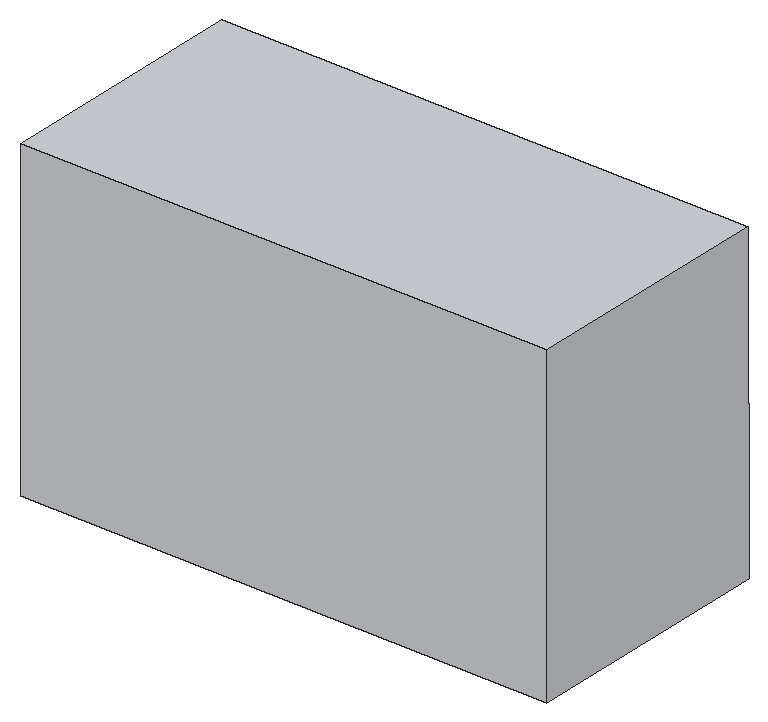
Revit family "ALG_Cutout_Wall", category Allgemeines Modell, Revit 2017
Family settings
  Kann Basisbauteil für Bewehrung sein = Nein
  Bemaßung runder Anschluss = Durchmesser verwenden
  Teiletyp = Normal
  Arbeitsebenenbasiert = Nein
  Immer vertikal = Ja
  Beim Laden mit Abzugskörper schneiden = Nein
  Gemeinsam genutzt = Nein
  Raumberechnungspunkt = Nein
Parameters (values of type "WD")
  WD_Durchbruch_Rund_Volumen [instance] = pi() * (WD_Durchbruch_RD ^ 2) * ALG_Durchbruch_Tiefe  # 0.0471239 m³
  WD_Durchbruch_Rund_Fläche [instance] = pi() * (WD_Durchbruch_RD ^ 2)  # 0.19635 m²
  WD_Durchbruch_Rechteck_Volumen [instance] = ALG_Durchbruch_Breite * ALG_Durchbruch_Höhe * ALG_Durchbruch_Tiefe  # 0.036 m³
  WD_Durchbruch_Rechteck_Fläche [instance] = ALG_Durchbruch_Breite * ALG_Durchbruch_Höhe  # 0.15 m²
  WD_Durchbruch_RD [instance] = ALG_Durchbruch_Breite / 2  # 250 mm
  WDR = no
  WD = yes
  ALG_Durchbruch_Versatz_manuell [instance] = 0 mm
  ALG_Durchbruch_UK_ab_Decke [instance] = ALG_Durchbruch_OKKVersatz + ALG_Durchbruch_Breite / 2  # 1750 mm
  ALG_Durchbruch_Tiefe [instance] = 240 mm
  ALG_Durchbruch_OK_ab_Decke [instance] = ALG_Durchbruch_OKKVersatz - ALG_Durchbruch_Breite / 2  # 1250 mm
  ALG_Durchbruch_OKKVersatz [instance] = 1500 mm
  ALG_Durchbruch_Höhe [instance] = 300 mm
  ALG_Durchbruch_Gewerk [instance] = ""
  ALG_Durchbruch_Breite [instance] = 500 mm
Types (2, lengths in mm): name | WDR | WD
  WD | no | yes
  WDR | yes | no
Reference planes
  plane 1 "Mitte (Vorne/Hinten)": y = 0
  plane 2: z = 0
  plane 3 "Mitte (Links/Rechts)": x = 0
  plane 4 "Mitte_WD": z = -1500
Forms (mm)
  Extrusion 1, solid, visible <- "WD"
    sketch origin (0, 0, -1500) x (0, 1, 0) y (-1, 0, 0)
      loop
        line (-120, 250) -> (-120, -250) -> (120, -250) -> (120, 250) -> (-120, 250)
    from -150 to 150
  Extrusion 2, solid, visible <- "WDR"
    sketch origin (0, 0, 0) x (1, 0, 0) y (0, 0, 1)
      loop
        circle (0, -1500) r 250
    from -120 to 120
Lines and regions (mm)
  reference lines
    curve 1: line (0, 670.716, -1350) -> (0, -629.284, -1350)
    curve 2: line (0, 560.86, -1650) -> (0, -629.284, -1650)
    curve 3: line (-4.994, 120, 0) -> (-294.994, 120, 0)
    curve 4: line (-4.994, -120, 0) -> (400, -120, 0)
    curve 5: line (-250, 248.741, 0) -> (-250, -491.259, 0)
    curve 6: line (250, 248.741, 0) -> (250, -491.259, 0)
Dimensions and locks
  "ALG_Durchbruch_OKKVersatz": plane 4 "Mitte_WD" to plane 2
  equal spacing: curve 2, plane 4 "Mitte_WD", curve 1
  "ALG_Durchbruch_Höhe": curve 2 to curve 1
  equal spacing: curve 5, plane 3 "Mitte (Links/Rechts)", curve 6
  equal spacing: curve 4, plane 1 "Mitte (Vorne/Hinten)", curve 3
  "ALG_Durchbruch_Breite": curve 5 to curve 6
  "ALG_Durchbruch_Tiefe": curve 4 to curve 3
  "WD_Durchbruch_RD": radius of Extrusion 2 sketch curve
  aligned and locked: level to plane 2
  aligned and locked: Extrusion 1 to curve 4
  aligned and locked: curve 5 to Extrusion 1
  aligned and locked: Extrusion 1 to curve 3
  aligned and locked: Extrusion 1 to curve 6
  aligned and locked: Extrusion 1 to curve 1
  aligned and locked: curve 2 to Extrusion 1
  aligned and locked: Extrusion 2 sketch curve to plane 3 "Mitte (Links/Rechts)"
  aligned and locked: plane 4 "Mitte_WD" to Extrusion 2 sketch curve
  aligned and locked: Extrusion 2 to curve 3
  aligned and locked: Extrusion 2 to curve 4
  aligned and locked: plane 3 "Mitte (Links/Rechts)" to nested 1
  aligned and locked: plane 1 "Mitte (Vorne/Hinten)" to nested 1
Automatic sketch dimensions
  plane 1 "Mitte (Vorne/Hinten)" to Extrusion 1 sketch curve = 120 mm
  Extrusion 1 sketch curve to plane 1 "Mitte (Vorne/Hinten)" = 120 mm
  plane 3 "Mitte (Links/Rechts)" to Extrusion 1 sketch curve = 250 mm
  Extrusion 1 sketch curve to plane 3 "Mitte (Links/Rechts)" = 250 mm
  plane 1 "Mitte (Vorne/Hinten)" to curve 1 = 629.284 mm
  curve 2 to curve 1 = 0 mm
  curve 2 to plane 1 "Mitte (Vorne/Hinten)" = 560.86 mm
  curve 2 to curve 1 = 109.855 mm
  curve 3 to curve 5 = 44.994 mm
  curve 4 to plane 3 "Mitte (Links/Rechts)" = 4.994 mm
  curve 3 to plane 3 "Mitte (Links/Rechts)" = 4.994 mm
  curve 6 to curve 4 = 150 mm
  curve 5 to curve 4 = 371.259 mm
  curve 6 to curve 4 = 371.259 mm
  curve 6 to plane 1 "Mitte (Vorne/Hinten)" = 248.741 mm
  curve 3 to curve 5 = 128.741 mm
Nested families
  nested 1: "Cutout_WD_Symbol" at (0, 0, 0), Breite <- "ALG_Durchbruch_Breite", Tiefe <- "ALG_Durchbruch_Tiefe", visible <- "WD", type "Cutout_WD_Symbol"
    with Tiefe 240 mm, T1 80 mm, Breite 500 mm, B1 166.667 mm
Definition of nested family "Cutout_WD_Symbol"
  Parameters (values of type "Cutout_WD_Symbol")
    Tiefe [instance] = 200 mm
    B1 [instance] = Breite / 3  # 100 mm
    T1 [instance] = Tiefe / 3  # 66.667 mm
    Breite [instance] = 300 mm
  Reference planes
    plane 1 "Mitte (Vorne/Hinten)": y = 0
    plane 2: z = 0
    plane 3 "Mitte (Links/Rechts)": x = 0
  Lines and regions (mm)
    Masking region 1
      outline origin (0, 0, 0) x (1, 0, 0) y (0, 1, 0)
        loop
          line (-150, 100) -> (-150, -100) -> (150, -100) -> (-100, -66.667) -> (-150, 100)
    symbolic lines
      curve 1: line (-150, -100, 0) -> (150, -100, 0)
      curve 2: line (-150, 100, 0) -> (-150, -100, 0)
      curve 3: line (150, 100, 0) -> (-150, 100, 0)
      curve 4: line (150, -100, 0) -> (150, 100, 0)
      curve 5: line (-150, 100, 0) -> (-100, -66.667, 0)
      curve 6: line (150, -100, 0) -> (-100, -66.667, 0)
  Dimensions and locks
    equal spacing: curve 1, plane 1 "Mitte (Vorne/Hinten)", curve 3
    equal spacing: curve 2, plane 3 "Mitte (Links/Rechts)", curve 4
    "Breite": curve 2 to curve 4
    "Tiefe": curve 1 to curve 3
    "B1": curve 5 to plane 3 "Mitte (Links/Rechts)"
    "T1": plane 1 "Mitte (Vorne/Hinten)" to curve 5
    aligned and locked: level to plane 2
    aligned and locked: Masking region 1 sketch curve to curve 5
    aligned and locked: Masking region 1 sketch curve to curve 2
    aligned and locked: Masking region 1 sketch curve to curve 1
    aligned and locked: Masking region 1 sketch curve to curve 6
